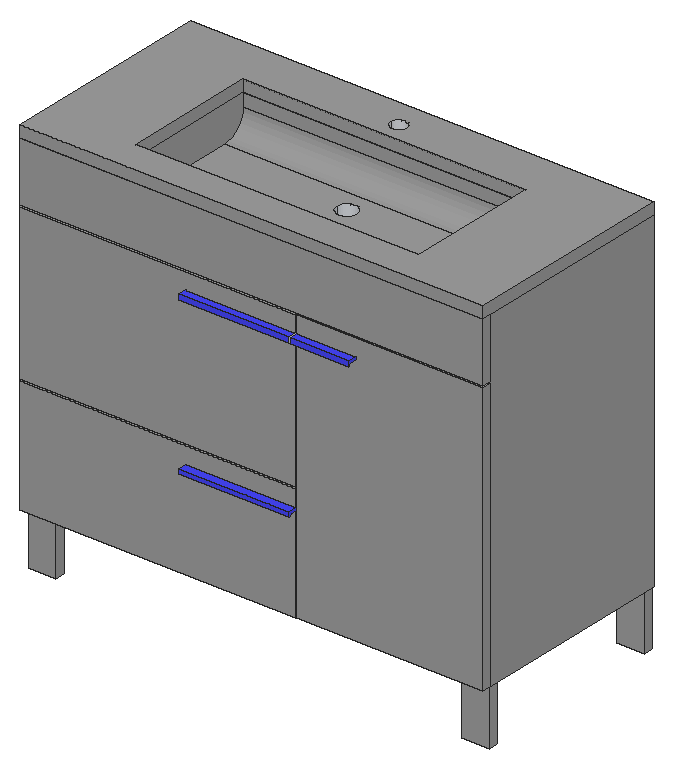
Revit family "MUEBLE GRACE 1000", category Furniture, Revit 2019
Family settings
  OmniClass Number = 23.40.20.00
  OmniClass Title = General Furniture and Specialties
  Work Plane-Based = No
  Always vertical = Yes
  Cut with Voids When Loaded = No
  Shared = No
  Room Calculation Point = No
Reference planes
  plane 1 "Center (Front/Back)": y = 0
  plane 2: z = 0
  plane 3 "Center (Left/Right)": x = 0
Forms (mm)
  Extrusion 1, solid
    sketch origin (0, 0, 0) x (1, 0, 0) y (0, 1, 0)
      loop
        line (0, 18) -> (1000, 18) -> (1000, 460) -> (0, 460) -> (0, 18)
    from 0 to 720
  Extrusion 2, solid
    sketch origin (0, 0, 0) x (0, 1, 0) y (0, 0, 1)
      loop
        line (18, 720) -> (0, 720) -> (0, 590) -> (18, 590) -> (18, 720)
    from 0 to 1000
  Extrusion 3, solid
    sketch origin (0, 0, 0) x (1, 0, 0) y (0, 0, 1)
      loop
        line (0, 587) -> (0, 253) -> (595, 253) -> (595, 587) -> (0, 587)
      loop
        line (0, 250) -> (0, 0) -> (595, 0) -> (595, 250) -> (0, 250)
      loop
        line (598, 0) -> (1000, 0) -> (1000, 587) -> (598, 587) -> (598, 0)
    from -18 to 0
  Extrusion 4, solid
    sketch origin (0, 0, 0) x (0, 1, 0) y (0, 0, 1)
      loop
        line (0, 550.5) -> (-18, 550.5) -> (-18, 539.5) -> (-17, 539.5) -> (-14, 543.5) -> (0, 543.5) -> (0, 550.5)
    from 358 to 595
  Extrusion 5, solid
    sketch origin (0, 0, 0) x (0, 1, 0) y (0, 0, 1)
      loop
        line (0, 550.5) -> (-18, 550.5) -> (-18, 539.5) -> (-17, 539.5) -> (-14, 543.5) -> (0, 543.5) -> (0, 550.5)
    from 598 to 724
  Extrusion 6, solid
    sketch origin (0, 0, -337) x (0, 1, 0) y (0, 0, 1)
      loop
        line (0, 550.5) -> (-18, 550.5) -> (-18, 539.5) -> (-17, 539.5) -> (-14, 543.5) -> (0, 543.5) -> (0, 550.5)
    from 358 to 595
  Extrusion 7, solid
    sketch origin (0, 0, 0) x (1, 0, 0) y (0, 1, 0)
      loop
        line (2, 20) -> (62, 20) -> (62, 40) -> (2, 40) -> (2, 20)
      loop
        line (2, 458) -> (2, 438) -> (62, 438) -> (62, 458) -> (2, 458)
      loop
        line (998, 458) -> (938, 458) -> (938, 438) -> (998, 438) -> (998, 458)
      loop
        line (998, 20) -> (998, 40) -> (938, 40) -> (938, 20) -> (998, 20)
    from -120 to 0
  Extrusion 8, solid
    sketch origin (0, 0, 0) x (0, 1, 0) y (0, 0, 1)
      loop
        line (460, 720) -> (460, 745) -> (0, 745) -> (0, 720) -> (460, 720)
    from 0 to 1000
  Extrusion 9, void
    sketch origin (0, 0, 0) x (0, 1, 0) y (0, 0, 1)
      loop
        line (357.946, 745.877) -> (68.382, 745.877) -> (105.965, 669.478)
        arc (105.965, 669.478) -> (124.406, 649.102) -> (150.83, 641.549) r 50
        line (150.83, 641.549) -> (307.946, 641.549)
        arc (307.946, 641.549) -> (343.301, 656.194) -> (357.946, 691.549) r 50
        line (357.946, 691.549) -> (357.946, 745.877)
    from 195 to 805
  Extrusion 10, void
    sketch origin (0, 0, 0) x (1, 0, 0) y (0, 1, 0)
      loop
        circle (500, 397.946) r 17.5
      loop
        circle (500, 257.946) r 22
    from 306.963 to 745.877
Cuts and joins
  Extrusion 9, Extrusion 10 cuts Extrusion 1
  Extrusion 9, Extrusion 10 cuts Extrusion 8
Dimensions and locks
  aligned and locked: level to plane 2
